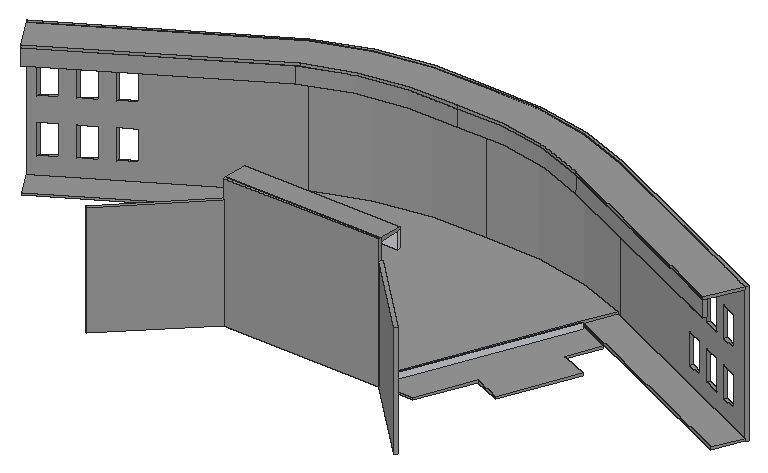
Revit family "Bogen 45 RB 45 610 FT", category Generic Models, Revit 2017
Family settings
  Can host rebar = No
  Round Connector Dimension = Use Diameter
  Part Type = Normal
  Work Plane-Based = No
  Always vertical = Yes
  Cut with Voids When Loaded = No
  Shared = No
  Room Calculation Point = No
Parameters (values of type "RB 45 610 FT")
  URL = "http://www.obo.bettermann.com"
  Material = Hot dip galvanised
  Manufacturer Art.No. = "7066112"
  Manufacturer = "OBO BETTERMANN"
  GTIN = "4012196990924"
  Cut's number 2 = 3
  Cut's number = 2
  Article Type = "RB 45 610 FT"
Reference planes
  plane 1 "Center (Front/Back)": y = 0
  plane 2: z = 0
  plane 3 "Center (Left/Right)": x = 0
  plane 4: x = 66
  plane 5: x = -66
  plane 6: y = 105.8
  plane 7: x = -98
  plane 8: x = 98
  plane 9: y = 77.2
  plane 10: y = 77.2
  plane 11: x = 98
  plane 12: z = 1
  plane 13: z = -2.5
  plane 14: through (71.954, 92.711, 1200) normal (0.9238, -0.3829, 0)
  plane 15: z = -0.497
  plane 16: through (-71.954, 92.711, 1200) normal (0.9238, 0.3829, 0)
  plane 17: z = -1.071
  plane 18: z = 64.5
  plane 19: z = 63.25
  plane 20: z = 59.753
  plane 21: x = 14
  plane 22: x = -14
  plane 23: z = -1.25
  plane 24: z = 59.753
  plane 25: z = 50.753
  plane 26: z = 54.42
  plane 27: z = 14.929
  plane 28: x = 153.489
  plane 29: z = 39.929
  plane 30: x = 153.489
  plane 31: z = 14.929
  plane 32: x = 153.489
  plane 33: z = 14.929
  plane 34: x = 140.99
  plane 35: z = 39.929
  plane 36: x = 140.99
  plane 37: z = 14.929
  plane 38: x = 128.491
  plane 39: z = 39.929
  plane 40: x = 128.491
  plane 41: z = 14.929
  plane 42: x = -153.489
  plane 43: z = 39.929
  plane 44: x = -153.489
  plane 45: z = 14.929
  plane 46: x = -140.99
  plane 47: z = 39.929
  plane 48: x = -140.99
  plane 49: z = 14.929
  plane 50: x = -128.491
  plane 51: z = 39.929
  plane 52: x = -128.491
Forms (mm)
  Extrusion 1, solid, material "Hot dip galvanised" <- "Material"
    sketch origin (0, 0, 0) x (1, 0, 0) y (0, 1, 0)
      loop
        line (33.525, 0) -> (71.954, 92.711)
        arc (71.954, 92.711) -> (36.81, 103.834) -> (0, 105.8) r 146
        arc (0, 105.8) -> (-36.81, 103.834) -> (-71.954, 92.711) r 146
        line (-71.954, 92.711) -> (-33.525, 0) -> (0, 0) -> (33.525, 0)
    from 0 to 1
  Extrusion 2, solid
    sketch origin (0, 0, 0) x (1, 0, 0) y (0, 1, 0)
      loop
        line (71.954, 92.711) -> (33.525, 0) -> (34.607, 0) -> (72.878, 92.328) -> (71.954, 92.711)
    from 1 to -2.5
  Extrusion 3, solid, material "Hot dip galvanised" <- "Material"
    sketch origin (0, 0, 0) x (1, 0, 0) y (0, 1, 0)
      loop
        line (67.365, 79.028) -> (34.607, 0) -> (50.845, 0) -> (61.079, 24.69) -> (74.012, 19.33) -> (87.797, 52.586) -> (74.864, 57.947) -> (80.991, 72.727) -> (67.365, 79.028)
    from -1.497 to -2.5
  Extrusion 4, void
    sketch origin (0, 0, 0) x (1, 0, 0) y (0, 1, 0)
      loop
        line (71.954, 92.711) -> (66.21, 78.854) -> (67.134, 78.471) -> (72.878, 92.328) -> (71.954, 92.711)
    from -2.5 to 1
  Extrusion 5, solid
    sketch origin (0, 0, 0) x (-1, 0, 0) y (0, -1, 0)
      loop
        line (71.954, -92.711) -> (72.878, -92.328) -> (34.607, 0) -> (33.525, 0) -> (71.954, -92.711)
    from 1 to -2.5
  Extrusion 6, solid, material "Hot dip galvanised" <- "Material"
    sketch origin (0, 0, 0) x (-1, 0, 0) y (0, -1, 0)
      loop
        line (67.129, -78.458) -> (80.231, -70.894) -> (74.868, -57.819) -> (87.657, -52.572) -> (73.995, -19.266) -> (61.042, -24.579) -> (50.944, 0.041) -> (34.607, 0.041) -> (67.129, -78.458)
    from -1.497 to -2.5
  Extrusion 7, void
    sketch origin (0, 0, 0) x (1, 0, 0) y (0, 1, 0)
      loop
        line (-72.878, 92.328) -> (-67.134, 78.471) -> (-66.21, 78.854) -> (-71.954, 92.711) -> (-72.878, 92.328)
    from -2.5 to 1
  Extrusion 8, solid, material "Hot dip galvanised" <- "Material"
    sketch origin (0, 0, 0) x (1, 0, 0) y (0, 1, 0)
      loop
        line (-71.954, 92.711) -> (-160.242, 39.662) -> (-153.032, 27.661) -> (-65.408, 80.311)
        arc (-65.408, 80.311) -> (-33.436, 90.215) -> (0, 91.758) r 132
        arc (0, 91.758) -> (33.799, 90.151) -> (66.078, 80.003) r 132
        line (66.078, 80.003) -> (159.568, 36.775) -> (165.444, 49.482) -> (71.954, 92.711)
        arc (71.954, 92.711) -> (36.81, 103.834) -> (0, 105.8) r 146
        arc (0, 105.8) -> (-36.81, 103.834) -> (-71.954, 92.711) r 146
    from 0 to -1.071
  Extrusion 9, solid, material "Hot dip galvanised" <- "Material"
    sketch origin (0, 0, 0) x (1, 0, 0) y (0, 1, 0)
      loop
        line (-160.242, 39.662) -> (-71.954, 92.711)
        arc (-71.954, 92.711) -> (-36.81, 103.834) -> (0, 105.8) r 146
        arc (0, 105.8) -> (37.236, 103.639) -> (72.778, 92.329) r 149.533
        line (72.778, 92.329) -> (165.444, 49.482) -> (165.989, 50.662) -> (73.324, 93.509)
        arc (73.324, 93.509) -> (37.517, 104.909) -> (0.004, 107.103) r 150.833
        arc (0.004, 107.103) -> (-37.122, 105.098) -> (-72.564, 93.861) r 147.3
        line (-72.564, 93.861) -> (-160.912, 40.776) -> (-160.242, 39.662)
    from -1.071 to 63.25
  Extrusion 10, solid, material "Hot dip galvanised" <- "Material"
    sketch origin (0, 0, 0) x (1, 0, 0) y (0, 1, 0)
      loop
        line (-160.242, 39.662) -> (-151.487, 25.09) -> (-64.01, 77.651)
        arc (-64.01, 77.651) -> (-32.715, 87.295) -> (0, 88.748) r 129
        arc (0, 88.748) -> (33.153, 87.218) -> (64.819, 77.28) r 129
        line (64.819, 77.28) -> (158.309, 34.052) -> (165.444, 49.482) -> (71.954, 92.711)
        arc (71.954, 92.711) -> (36.81, 103.834) -> (0, 105.8) r 146
        arc (0, 105.8) -> (-36.81, 103.834) -> (-71.954, 92.711) r 146
        line (-71.954, 92.711) -> (-160.242, 39.662)
    from 61.93 to 63.25
  Extrusion 11, solid, material "Hot dip galvanised" <- "Material"
    sketch origin (0, 0, 0) x (1, 0, 0) y (0, 1, 0)
      loop
        line (-151.487, 25.09) -> (-65.372, 76.832)
        arc (-65.372, 76.832) -> (-33.48, 87.145) -> (0, 88.748) r 126.91
        arc (0, 88.748) -> (33.153, 87.218) -> (64.819, 77.28) r 129
        line (64.819, 77.28) -> (158.309, 34.052) -> (158.855, 35.232) -> (65.365, 78.46)
        arc (65.365, 78.46) -> (33.434, 88.489) -> (0.001, 90.053) r 130.3
        arc (0.001, 90.053) -> (-33.798, 88.408) -> (-65.989, 77.979) r 128.21
        line (-65.989, 77.979) -> (-152.156, 26.204) -> (-151.487, 25.09)
    from 54.42 to 61.93
  Extrusion 12, solid, material "Hot dip galvanised" <- "Material"
    sketch origin (0, 0, 0) x (1, 0, 0) y (0, 1, 0)
      loop
        line (0, 0) -> (35.5, 0) -> (14, 20) -> (0, 20) -> (-14, 20) -> (-36, 0) -> (0, 0)
    from -1.25 to 0
  Extrusion 13, void
    sketch origin (0, 0, 0) x (1, 0, 0) y (0, 1, 0)
      loop
        line (-34.202, 1.634) -> (-36.045, -0.041) -> (-33.508, -0.041) -> (-34.202, 1.634)
      loop
        line (34.104, 1.396) -> (33.525, 0) -> (35.5, 0) -> (34.075, 1.326)
    from -8.816 to 9.643
  Extrusion 14, solid, material "Hot dip galvanised" <- "Material"
    sketch origin (0, 0, 0) x (1, 0, 0) y (0, 1, 0)
      loop
        line (-35.88, 0) -> (-35.88, -1.3) -> (36.12, -1.3) -> (36.12, 0) -> (-35.88, 0)
    from -1.497 to 59.753
  Extrusion 15, solid, material "Hot dip galvanised" <- "Material"
    sketch origin (0, -0.839, 0) x (1, 0, 0) y (0, 1, 0)
      loop
        line (-35.88, 0.839) -> (36.12, 0.839) -> (36.12, 11.589) -> (-35.88, 11.589) -> (-35.88, 0.839)
    from 58.3 to 59.753
  Extrusion 16, solid
    sketch origin (0, 0, 0) x (1, 0, 0) y (0, 1, 0)
      loop
        line (-35.88, 10.75) -> (-35.88, 9.45) -> (36.12, 9.45) -> (36.12, 10.75) -> (-35.88, 10.75)
    from 50.753 to 58.3
  Extrusion 17, solid, material "Hot dip galvanised" <- "Material"
    sketch origin (0, 0, 0) x (1, 0, 0) y (0, 1, 0)
      loop
        line (36.105, -1.263) -> (71.461, -36.618) -> (72.38, -35.699) -> (37.025, -0.344) -> (36.105, -1.263)
      loop
        line (-35.967, -1.3) -> (-36.886, -0.381) -> (-72.242, -35.736) -> (-71.322, -36.655) -> (-35.967, -1.3)
    from -1.497 to 50.753
  Extrusion 18, void
    sketch origin (0, 0, 0) x (1, 0, 0) y (0, 0, 1)
      loop
        line (149.989, 21.929) -> (149.989, 7.929) -> (156.989, 7.929) -> (156.989, 21.929) -> (149.989, 21.929)
    from -34.052 to -88.748
  Extrusion 19, void
    sketch origin (0, 0, 25) x (1, 0, 0) y (0, 0, 1)
      loop
        line (149.989, 21.929) -> (149.989, 7.929) -> (156.989, 7.929) -> (156.989, 21.929) -> (149.989, 21.929)
    from -34.052 to -88.748
  Extrusion 20, void, not visible
    sketch origin (0, 0, 0) x (1, 0, 0) y (0, 0, 1)
      loop
        line (149.989, 21.929) -> (149.989, 7.929) -> (156.989, 7.929) -> (156.989, 21.929) -> (149.989, 21.929)
    from -34.052 to -88.748
  Extrusion 21, void
    sketch origin (-12.499, 0, 0) x (1, 0, 0) y (0, 0, 1)
      loop
        line (149.989, 21.929) -> (149.989, 7.929) -> (156.989, 7.929) -> (156.989, 21.929) -> (149.989, 21.929)
    from -34.052 to -88.748
  Extrusion 22, void
    sketch origin (-12.499, 0, 25) x (1, 0, 0) y (0, 0, 1)
      loop
        line (149.989, 21.929) -> (149.989, 7.929) -> (156.989, 7.929) -> (156.989, 21.929) -> (149.989, 21.929)
    from -34.052 to -88.748
  Extrusion 23, void
    sketch origin (-24.998, 0, 0) x (1, 0, 0) y (0, 0, 1)
      loop
        line (149.989, 21.929) -> (149.989, 7.929) -> (156.989, 7.929) -> (156.989, 21.929) -> (149.989, 21.929)
    from -34.052 to -88.748
  Extrusion 24, void
    sketch origin (-24.998, 0, 25) x (1, 0, 0) y (0, 0, 1)
      loop
        line (149.989, 21.929) -> (149.989, 7.929) -> (156.989, 7.929) -> (156.989, 21.929) -> (149.989, 21.929)
    from -34.052 to -88.748
  Extrusion 25, void
    sketch origin (0, 0, 0) x (-1, 0, 0) y (0, 0, -1)
      loop
        line (149.989, -21.929) -> (156.989, -21.929) -> (156.989, -7.929) -> (149.989, -7.929) -> (149.989, -21.929)
    from -34.052 to -88.748
  Extrusion 26, void
    sketch origin (0, 0, 25) x (-1, 0, 0) y (0, 0, -1)
      loop
        line (149.989, -21.929) -> (156.989, -21.929) -> (156.989, -7.929) -> (149.989, -7.929) -> (149.989, -21.929)
    from -34.052 to -88.748
  Extrusion 27, void
    sketch origin (12.499, 0, 0) x (-1, 0, 0) y (0, 0, -1)
      loop
        line (149.989, -21.929) -> (156.989, -21.929) -> (156.989, -7.929) -> (149.989, -7.929) -> (149.989, -21.929)
    from -34.052 to -88.748
  Extrusion 28, void
    sketch origin (12.499, 0, 25) x (-1, 0, 0) y (0, 0, -1)
      loop
        line (149.989, -21.929) -> (156.989, -21.929) -> (156.989, -7.929) -> (149.989, -7.929) -> (149.989, -21.929)
    from -34.052 to -88.748
  Extrusion 29, void
    sketch origin (24.998, 0, 0) x (-1, 0, 0) y (0, 0, -1)
      loop
        line (149.989, -21.929) -> (156.989, -21.929) -> (156.989, -7.929) -> (149.989, -7.929) -> (149.989, -21.929)
    from -34.052 to -88.748
  Extrusion 30, void
    sketch origin (24.998, 0, 25) x (-1, 0, 0) y (0, 0, -1)
      loop
        line (149.989, -21.929) -> (156.989, -21.929) -> (156.989, -7.929) -> (149.989, -7.929) -> (149.989, -21.929)
    from -34.052 to -88.748
Cuts and joins
  Extrusion 4, Extrusion 7, Extrusion 13 cuts Extrusion 1
  Extrusion 4 cuts Extrusion 2
  Extrusion 7 cuts Extrusion 5
  Extrusion 13 cuts Extrusion 12
  Extrusion 18, Extrusion 19, Extrusion 21, Extrusion 22, Extrusion 23, Extrusion 24, Extrusion 25, Extrusion 26, Extrusion 27, Extrusion 28, Extrusion 29, Extrusion 30 cuts Extrusion 9
Dimensions and locks
  locked: plane 1 "Center (Front/Back)" to plane 6 at 105.8
  locked: plane 5 to plane 4 at 132
  locked: plane 5 to plane 3 "Center (Left/Right)" at 66
  locked: plane 3 "Center (Left/Right)" to plane 8 at 98
  locked: plane 7 to plane 3 "Center (Left/Right)" at 98
  locked: plane 1 "Center (Front/Back)" to plane 9 at 77.2
  locked: Extrusion 1 sketch curve to Extrusion 1 sketch curve at 106.191
  locked: Extrusion 1 sketch curve to Extrusion 1 sketch curve at 67.05
  locked: Extrusion 1 sketch curve to Extrusion 1 sketch curve at 100.36  (x2)
  locked: plane 12 to level at 1
  locked: Extrusion 2 sketch curve to Extrusion 1 at 1
  locked: Extrusion 2 sketch curve to Extrusion 2 sketch curve at 100.365
  locked: Extrusion 1 to plane 13 at 3.5
  locked: Extrusion 3 sketch curve to Extrusion 2 at 29
  locked: Extrusion 3 sketch curve to Extrusion 3 sketch curve at 36
  locked: Extrusion 2 to Extrusion 3 sketch curve at 30
  locked: Extrusion 3 sketch curve to Extrusion 3 sketch curve at 14
  locked: plane 15 to Extrusion 3 at 1
  locked: Extrusion 2 to Extrusion 2 at 1
  locked: Extrusion 2 to Extrusion 4 sketch curve at 15
  locked: Extrusion 5 sketch curve to Extrusion 5 sketch curve at 100.365
  locked: Extrusion 5 to Extrusion 5 at 1  (x2)
  locked: Extrusion 6 sketch curve to Extrusion 6 sketch curve at 36
  locked: Extrusion 6 sketch curve to Extrusion 6 sketch curve at 14
  locked: Extrusion 7 sketch curve to Extrusion 5 at 15
  Extrusion 8 sketch curve to Extrusion 8 sketch curve = 103 mm
  locked: Extrusion 8 sketch curve to Extrusion 8 sketch curve at 14  (x2)
  Extrusion 9 to plane 18 = 65.571 mm
  locked: Extrusion 8 to Extrusion 9 at 14
  Extrusion 8 to Extrusion 9 = 14 mm
  locked: plane 18 to plane 19 at 1.25
  Extrusion 11 to plane 20 = 2.177 mm
  locked: Extrusion 9 to Extrusion 10 sketch curve at 17  (x2)
  locked: Extrusion 10 to Extrusion 11 sketch curve at 1.3  (x2)
  Extrusion 9 to Extrusion 9 = 64.321 mm
  Extrusion 12 sketch curve to Extrusion 12 sketch curve = 71.5 mm
  locked: cut or joined group of Extrusion 1, Extrusion 4, Extrusion 7, Extrusion 13 to Extrusion 12 sketch curve at 20
  locked: Extrusion 12 sketch curve to Extrusion 12 sketch curve at 28
  Extrusion 12 to plane 23 = 1.25 mm
  locked: Extrusion 14 sketch curve to cut or joined group of Extrusion 1, Extrusion 4, Extrusion 7, Extrusion 13 at 1.3
  locked: Extrusion 14 sketch curve to Extrusion 14 sketch curve at 72
  locked: plane 24 to Extrusion 14 at 61.25
  Extrusion 14 to Extrusion 15 sketch curve = 12.05 mm
  locked: Extrusion 15 sketch curve to Extrusion 15 sketch curve at 72
  locked: Extrusion 15 to Extrusion 14 at 61.25
  plane 24 to Extrusion 6 = 61.25 mm
  locked: Extrusion 15 to Extrusion 14 at 12.05
  locked: Extrusion 16 sketch curve to Extrusion 15 at 1.3
  Extrusion 15 to Extrusion 16 = 9 mm
  locked: Extrusion 17 sketch curve to Extrusion 17 sketch curve at 50  (x2)
  locked: Extrusion 17 sketch curve to Extrusion 17 sketch curve at 1.3  (x2)
  locked: Extrusion 17 sketch curve to plane 3 "Center (Left/Right)" at 35.967
  locked: Extrusion 9 to plane 26 at 8.83
  locked: Extrusion 18 sketch curve to Extrusion 18 sketch curve at 7
  locked: plane 28 to Extrusion 18 sketch curve at 3.5
  locked: Extrusion 18 sketch curve to Extrusion 18 sketch curve at 14
  locked: plane 27 to Extrusion 18 sketch curve at 7
  locked: Extrusion 19 sketch curve to Extrusion 19 sketch curve at 7
  locked: plane 30 to Extrusion 19 sketch curve at 3.5
  locked: Extrusion 19 sketch curve to Extrusion 19 sketch curve at 14
  locked: plane 29 to Extrusion 19 sketch curve at 7
  locked: Extrusion 20 sketch curve to Extrusion 20 sketch curve at 7
  locked: plane 32 to Extrusion 20 sketch curve at 3.5
  locked: Extrusion 20 sketch curve to Extrusion 20 sketch curve at 14
  locked: plane 31 to Extrusion 20 sketch curve at 7
  locked: Extrusion 21 sketch curve to Extrusion 21 sketch curve at 7
  locked: plane 34 to Extrusion 21 sketch curve at 3.5
  locked: Extrusion 21 sketch curve to Extrusion 21 sketch curve at 14
  locked: plane 33 to Extrusion 21 sketch curve at 7
  locked: Extrusion 22 sketch curve to Extrusion 22 sketch curve at 7
  locked: plane 36 to Extrusion 22 sketch curve at 3.5
  locked: Extrusion 22 sketch curve to Extrusion 22 sketch curve at 14
  locked: plane 35 to Extrusion 22 sketch curve at 7
  locked: Extrusion 23 sketch curve to Extrusion 23 sketch curve at 7
  locked: plane 38 to Extrusion 23 sketch curve at 3.5
  locked: Extrusion 23 sketch curve to Extrusion 23 sketch curve at 14
  locked: plane 37 to Extrusion 23 sketch curve at 7
  locked: Extrusion 24 sketch curve to Extrusion 24 sketch curve at 7
  locked: plane 40 to Extrusion 24 sketch curve at 3.5
  locked: Extrusion 24 sketch curve to Extrusion 24 sketch curve at 14
  locked: plane 39 to Extrusion 24 sketch curve at 7
  locked: Extrusion 25 sketch curve to Extrusion 25 sketch curve at 7
  locked: plane 42 to Extrusion 25 sketch curve at 3.5
  locked: Extrusion 25 sketch curve to Extrusion 25 sketch curve at 14
  locked: Extrusion 25 sketch curve to plane 41 at 7
  locked: Extrusion 26 sketch curve to Extrusion 26 sketch curve at 7
  locked: plane 44 to Extrusion 26 sketch curve at 3.5
  locked: Extrusion 26 sketch curve to Extrusion 26 sketch curve at 14
  locked: Extrusion 26 sketch curve to plane 43 at 7
  locked: Extrusion 27 sketch curve to Extrusion 27 sketch curve at 7
  locked: plane 46 to Extrusion 27 sketch curve at 3.5
  locked: Extrusion 27 sketch curve to Extrusion 27 sketch curve at 14
  locked: Extrusion 27 sketch curve to plane 45 at 7
  locked: Extrusion 28 sketch curve to Extrusion 28 sketch curve at 7
  locked: plane 48 to Extrusion 28 sketch curve at 3.5
  locked: Extrusion 28 sketch curve to Extrusion 28 sketch curve at 14
  locked: Extrusion 28 sketch curve to plane 47 at 7
  locked: Extrusion 29 sketch curve to Extrusion 29 sketch curve at 7
  locked: plane 50 to Extrusion 29 sketch curve at 3.5
  locked: Extrusion 29 sketch curve to Extrusion 29 sketch curve at 14
  locked: Extrusion 29 sketch curve to plane 49 at 7
  locked: Extrusion 30 sketch curve to Extrusion 30 sketch curve at 7
  locked: plane 52 to Extrusion 30 sketch curve at 3.5
  locked: Extrusion 30 sketch curve to Extrusion 30 sketch curve at 14
  locked: plane 51 to Extrusion 30 sketch curve at 7
  radius of Extrusion 1 sketch curve = 146 mm  (x2)
  locked: Extrusion 17 sketch curve to Extrusion 17 sketch curve (angle 90.00°)
  aligned and locked: level to plane 2
  aligned and locked: Extrusion 1 to plane 12
  aligned and locked: Extrusion 1 to level
  aligned and locked: Extrusion 2 sketch curve to Extrusion 1
  aligned and locked: Extrusion 2 to Extrusion 1
  aligned and locked: Extrusion 2 to plane 13
  aligned and locked: Extrusion 3 sketch curve to Extrusion 2
  aligned and locked: plane 1 "Center (Front/Back)" to Extrusion 3
  aligned and locked: Extrusion 2 to Extrusion 3
  aligned and locked: Extrusion 1 to Extrusion 4
  aligned and locked: Extrusion 4 to Extrusion 3
  aligned and locked: Extrusion 7 to Extrusion 3
  aligned and locked: Extrusion 1 to Extrusion 7
  aligned and locked: Extrusion 8 to plane 17
  aligned and locked: Extrusion 8 to Extrusion 9  (x2)
  aligned and locked: Extrusion 10 sketch curve to Extrusion 8
  aligned and locked: Extrusion 10 to Extrusion 8  (x2)
  aligned and locked: Extrusion 11 sketch curve to Extrusion 10  (x2)
  aligned and locked: Extrusion 10 to Extrusion 11 sketch curve
  aligned and locked: plane 19 to Extrusion 9
  aligned and locked: Extrusion 9 to Extrusion 8
  aligned and locked: plane 21 to Extrusion 12 sketch curve
  aligned and locked: Extrusion 12 to cut or joined group of Extrusion 1, Extrusion 4, Extrusion 7, Extrusion 13
  aligned and locked: Extrusion 12 to plane 23
  aligned and locked: Extrusion 13 sketch curve to Extrusion 6
  aligned and locked: Extrusion 14 to plane 1 "Center (Front/Back)"
  aligned and locked: Extrusion 14 to Extrusion 3
  aligned and locked: plane 24 to Extrusion 14
  aligned and locked: plane 1 "Center (Front/Back)" to Extrusion 15
  aligned and locked: Extrusion 16 sketch curve to Extrusion 15  (x2)
  aligned and locked: Extrusion 14 to Extrusion 16
  aligned and locked: Extrusion 16 to plane 25
  aligned and locked: Extrusion 16 to Extrusion 15
  aligned and locked: Extrusion 17 to Extrusion 3
  aligned and locked: Extrusion 17 to Extrusion 16
  aligned and locked: Extrusion 11 to plane 26
  aligned and locked: Extrusion 11 to Extrusion 10
  aligned and locked: Extrusion 18 to Extrusion 10
  aligned and locked: Extrusion 10 to Extrusion 18
Automatic sketch dimensions
  plane 1 "Center (Front/Back)" to Extrusion 1 sketch curve = 0 mm
  Extrusion 1 sketch curve to plane 3 "Center (Left/Right)" = 0 mm  (x2)
  Extrusion 1 sketch curve to plane 6 = 0 mm
  Extrusion 1 sketch curve to Extrusion 1 sketch curve = 21.358 mm
  Extrusion 1 sketch curve to plane 3 "Center (Left/Right)" = 33.525 mm
  plane 1 "Center (Front/Back)" to Extrusion 2 sketch curve = 0 mm
  plane 1 "Center (Front/Back)" to Extrusion 3 sketch curve = 0 mm
  Extrusion 3 sketch curve to plane 1 "Center (Front/Back)" = 24.69 mm
  Extrusion 3 sketch curve to Extrusion 3 sketch curve = 20.432 mm
  Extrusion 3 sketch curve to plane 1 "Center (Front/Back)" = 57.947 mm
  Extrusion 3 sketch curve to plane 1 "Center (Front/Back)" = 72.727 mm
  plane 3 "Center (Left/Right)" to Extrusion 4 sketch curve = 66.21 mm
  Extrusion 4 sketch curve to Extrusion 4 sketch curve = 0.924 mm
  Extrusion 4 sketch curve to Extrusion 4 sketch curve = 5.744 mm
  plane 1 "Center (Front/Back)" to Extrusion 5 sketch curve = 0 mm
  plane 3 "Center (Left/Right)" to Extrusion 5 sketch curve = 33.525 mm
  Extrusion 5 sketch curve to Extrusion 5 sketch curve = 1.083 mm
  plane 3 "Center (Left/Right)" to Extrusion 5 sketch curve = 71.954 mm
  Extrusion 6 sketch curve to plane 1 "Center (Front/Back)" = 0.041 mm
  plane 3 "Center (Left/Right)" to Extrusion 6 sketch curve = 34.607 mm
  Extrusion 6 sketch curve to Extrusion 6 sketch curve = 16.336 mm
  plane 1 "Center (Front/Back)" to Extrusion 6 sketch curve = 24.579 mm
  Extrusion 6 sketch curve to Extrusion 6 sketch curve = 10.099 mm
  Extrusion 6 sketch curve to Extrusion 6 sketch curve = 20.528 mm
  plane 1 "Center (Front/Back)" to Extrusion 6 sketch curve = 57.819 mm
  plane 1 "Center (Front/Back)" to Extrusion 6 sketch curve = 70.894 mm
  Extrusion 6 sketch curve to Extrusion 6 sketch curve = 7.565 mm
  Extrusion 7 sketch curve to plane 3 "Center (Left/Right)" = 72.878 mm
  Extrusion 7 sketch curve to Extrusion 7 sketch curve = 0.924 mm
  Extrusion 7 sketch curve to plane 1 "Center (Front/Back)" = 78.471 mm
  Extrusion 8 sketch curve to Extrusion 8 sketch curve = 0 mm  (x4)
  Extrusion 8 sketch curve to plane 3 "Center (Left/Right)" = 0 mm  (x2)
  Extrusion 8 sketch curve to plane 3 "Center (Left/Right)" = 10.679 mm
  Extrusion 8 sketch curve to plane 3 "Center (Left/Right)" = 65.408 mm
  Extrusion 8 sketch curve to Extrusion 8 sketch curve = 6.546 mm
  Extrusion 8 sketch curve to plane 1 "Center (Front/Back)" = 27.661 mm
  Extrusion 8 sketch curve to Extrusion 8 sketch curve = 87.624 mm
  Extrusion 8 sketch curve to plane 1 "Center (Front/Back)" = 39.662 mm
  plane 3 "Center (Left/Right)" to Extrusion 8 sketch curve = 10.679 mm
  plane 3 "Center (Left/Right)" to Extrusion 8 sketch curve = 66.078 mm
  Extrusion 8 sketch curve to Extrusion 8 sketch curve = 5.876 mm
  Extrusion 8 sketch curve to plane 1 "Center (Front/Back)" = 36.775 mm
  Extrusion 9 sketch curve to Extrusion 9 sketch curve = 0 mm  (x4)
  Extrusion 9 sketch curve to plane 3 "Center (Left/Right)" = 0 mm
  Extrusion 9 sketch curve to plane 3 "Center (Left/Right)" = 10.679 mm
  Extrusion 9 sketch curve to plane 3 "Center (Left/Right)" = 71.954 mm
  Extrusion 9 sketch curve to Extrusion 9 sketch curve = 0.609 mm
  Extrusion 9 sketch curve to plane 1 "Center (Front/Back)" = 39.662 mm
  Extrusion 9 sketch curve to Extrusion 9 sketch curve = 88.288 mm
  Extrusion 9 sketch curve to plane 1 "Center (Front/Back)" = 40.776 mm
  Extrusion 9 sketch curve to Extrusion 9 sketch curve = 0.67 mm
  plane 3 "Center (Left/Right)" to Extrusion 9 sketch curve = 10.021 mm
  plane 3 "Center (Left/Right)" to Extrusion 9 sketch curve = 72.778 mm
  Extrusion 9 sketch curve to plane 1 "Center (Front/Back)" = 93.509 mm
  Extrusion 9 sketch curve to Extrusion 9 sketch curve = 0.546 mm
  Extrusion 9 sketch curve to plane 1 "Center (Front/Back)" = 49.482 mm
  Extrusion 9 sketch curve to Extrusion 9 sketch curve = 92.665 mm
  Extrusion 10 sketch curve to Extrusion 10 sketch curve = 0 mm  (x4)
  Extrusion 10 sketch curve to plane 3 "Center (Left/Right)" = 0 mm  (x2)
  Extrusion 10 sketch curve to plane 3 "Center (Left/Right)" = 10.679 mm
  Extrusion 10 sketch curve to plane 3 "Center (Left/Right)" = 64.01 mm
  Extrusion 10 sketch curve to Extrusion 10 sketch curve = 7.944 mm
  Extrusion 10 sketch curve to plane 1 "Center (Front/Back)" = 25.09 mm
  Extrusion 10 sketch curve to plane 1 "Center (Front/Back)" = 39.662 mm
  plane 3 "Center (Left/Right)" to Extrusion 10 sketch curve = 10.679 mm
  plane 3 "Center (Left/Right)" to Extrusion 10 sketch curve = 64.819 mm
  Extrusion 10 sketch curve to Extrusion 10 sketch curve = 7.135 mm
  Extrusion 10 sketch curve to plane 1 "Center (Front/Back)" = 49.482 mm
  Extrusion 11 sketch curve to Extrusion 11 sketch curve = 0 mm  (x4)
  Extrusion 11 sketch curve to plane 3 "Center (Left/Right)" = 0 mm
  Extrusion 11 sketch curve to plane 3 "Center (Left/Right)" = 65.989 mm
  Extrusion 11 sketch curve to Extrusion 11 sketch curve = 0.616 mm
  Extrusion 11 sketch curve to plane 3 "Center (Left/Right)" = 10.722 mm
  plane 3 "Center (Left/Right)" to Extrusion 11 sketch curve = 10.679 mm
  Extrusion 11 sketch curve to plane 1 "Center (Front/Back)" = 77.28 mm
  plane 3 "Center (Left/Right)" to Extrusion 11 sketch curve = 64.819 mm
  plane 1 "Center (Front/Back)" to Extrusion 12 sketch curve = 0 mm
  Extrusion 12 sketch curve to plane 3 "Center (Left/Right)" = 0 mm  (x2)
  Extrusion 12 sketch curve to plane 22 = 22 mm
  plane 1 "Center (Front/Back)" to Extrusion 13 sketch curve = 0 mm
  Extrusion 13 sketch curve to plane 3 "Center (Left/Right)" = 36.045 mm
  Extrusion 13 sketch curve to plane 1 "Center (Front/Back)" = 1.634 mm
  Extrusion 13 sketch curve to Extrusion 13 sketch curve = 1.843 mm
  Extrusion 13 sketch curve to Extrusion 13 sketch curve = 0.694 mm
  plane 3 "Center (Left/Right)" to Extrusion 13 sketch curve = 33.525 mm
  Extrusion 13 sketch curve to Extrusion 13 sketch curve = 1.975 mm
  Extrusion 13 sketch curve to plane 1 "Center (Front/Back)" = 1.326 mm
  Extrusion 13 sketch curve to Extrusion 13 sketch curve = 0.55 mm
  Extrusion 13 sketch curve to plane 1 "Center (Front/Back)" = 1.396 mm
  plane 1 "Center (Front/Back)" to Extrusion 14 sketch curve = 0 mm
  Extrusion 14 sketch curve to plane 3 "Center (Left/Right)" = 35.88 mm
  plane 1 "Center (Front/Back)" to Extrusion 15 sketch curve = 0 mm
  Extrusion 15 sketch curve to plane 3 "Center (Left/Right)" = 35.88 mm
  Extrusion 16 sketch curve to Extrusion 16 sketch curve = 1.3 mm
  plane 1 "Center (Front/Back)" to Extrusion 17 sketch curve = 0.381 mm
  Extrusion 17 sketch curve to Extrusion 17 sketch curve = 0.919 mm
  plane 1 "Center (Front/Back)" to Extrusion 17 sketch curve = 1.263 mm
  plane 3 "Center (Left/Right)" to Extrusion 17 sketch curve = 36.105 mm
